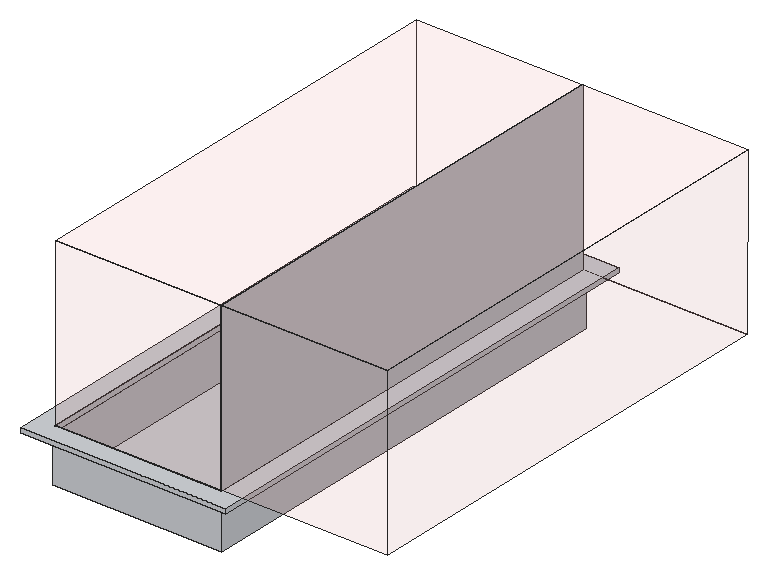
Revit family "Hager-VOLTA-Hollow_wall-IP30-With_Cover-With_DIN-Hosted-PL-pl", category Electrical Equipment, host Face, Revit 2023
Family settings
  Host = Face
  Panel Configuration = Two Columns, Circuits Across
  Round Connector Dimension = Use Diameter
  Part Type = Panelboard
  Cut with Voids When Loaded = No
  Maintain Annotation Orientation = Yes
  Shared = No
  Room Calculation Point = No
Parameters (values of type "VOLTA-Hollow_wall_W348_H880_D98_0_Modular_Spacing-VH60NWP")
  Width Control [instance] = if([HG000006-Flush mounted-pl], if([EF000846 - Szerokość wbudowania] > min_whd, [EF000846 - Szerokość wbudowania], min_whd), if([EF000008 - Szerokość] > min_whd, ([EF000008 - Szerokość]), min_whd))  # 314.5 mm
  Void Depth [instance] = if([HG000006-Flush mounted-pl], Depth Control, 1 mm)  # 89 mm
  Uniformat code = "D501001"
  Uniformat = "Low Tension Service & Dist."
  HGEF0002950-Szerokość wyrażona liczbą modułów = 0
  HGEF000266-Liczba rzędów = 0
  HG000131 - Functional label [instance] = ""
  HG000130 - Functional name [instance] = ""
  Type Comments = ""
  System Height [instance] = Height Control - 2 * [HG000005-Thickness-pl]  # 841 mm
  Reference description = ""
  Reference = "VOLTA-Hollow_wall_W348_H880_D98_0_Modular_Spacing-VH60NWP"
  Object type = ""
  Name hager = "ADD_Enclosures_EC000214"
  Name BIM&CO = "Electricity"
  Name = "VOLTA-Hollow_wall-IP30-With_Cover-With_DIN-PL"
  Model = ""
  HG000099-Onfly Template ID-pl-PL = "507532"
  HG000060-RAL-number = "9010"
  HG000059-Operating voltage-pl-PL [instance] = 230 V
  HG000017-Distance between poles-pl = 18 mm
  HG000016-Door 3D visibility-pl = yes
  HG000015-Clearance visibility-pl = yes
  HG000014-Door on the right-pl = yes
  HG000013-Door on the left-pl = no
  HG000012-Door swing angle-pl = 90.00°
  HG000011-Empty rows from bottom-pl = no
  HG000010-Asymmetric doors-pl = no
  HG000009-Double swing door-pl = no
  HG000008-Number of empty rows-pl = 0
  HG000007-Number of empty columns-pl = 0
  HG000006-Flush mounted-pl = yes
  HG000005-Thickness-pl = 2 mm
  HG000004-Manufacturer reference-pl = "VH60NWP"
  HG000003-Range-pl = "VOLTA"
  HG000002-with door or cover-pl = yes
  HG000001-Number of columns-pl = 0
  GTIN (Global Trade Item Number) = ""
  ETIM class name = "Small distribution board"
  ETIM class code = "EC000214"
  EF015941 - Drzwi przepuszczające sygnał = no
  EF015777 - Listwa zaciskowa przewodu neutralnego = no
  EF015776 - Listwa zaciskowa uziemienia = no
  EF009212 - Wykonanie/rodzaj pokrywy = ""
  EF006306 - Z zamkiem = no
  EF006244 - Transparentna pokrywa/drzwi = no
  EF005474 - Stopień ochrony (IP) = "IP30"
  EF004464 - Rodzaj drzwi = ""
  EF004462 - Rodzaj zamknięcia = ""
  EF002950 - Szerokość wyrażona liczbą modułów = 0
  EF001596 - Materiał obudowy = ""
  EF001134 - Szyna DIN = yes
  EF001131 - Głębokość wewnętrzna = 0 mm
  EF001088 - Możliwość rozbudowy = no
  EF001062 - Wykonanie zgodne z Dyrektywą Kompatybilności Elektromagnetycznej EMC = no
  EF000846 - Szerokość wbudowania = 314.5 mm
  EF000339 - Rodzaj pokrywy = ""
  EF000332 - Wysokość wbudowania = 845 mm
  EF000266 - Liczba rzędów = 0
  EF000218 - Głębokość wbudowania = 89 mm
  EF000118 - Z płytą montażową = no
  EF000116 - Numer RAL = 9010
  EF000049 - Głębokość = 98 mm
  EF000040 - Wysokość = 880 mm
  EF000024 - Odporność na promieniowanie UV = no
  EF000008 - Szerokość = 348 mm
  EF000007 - Kolor = ""
  EF000003 - Sposób montażu = "Do ścian pustych"
  Creation Date = "12/15/2025 21:47:12"
  Code hager = "ADD-EC000214_EU"
  BIM&CO code = ""
  BC_VARIANT_ID = "1174424"
  BC_OBJECT_VERSION = "#5"  # constant formula
  BC_OBJECT_ID = "513499"  # constant formula
  BC_MODEL_ID = "1547223"  # constant formula
  Arrow Offset [instance] = Depth Control / 8  # 11.125 mm
  Arrow Height [instance] = Depth Control - Arrow Offset  # 77.875 mm
  Host Offset [instance] = if([HG000006-Flush mounted-pl], 0 mm, [EF000049 - Głębokość])  # 0 mm
  min_whd [instance] = (2 * [HG000005-Thickness-pl]) + 1 mm  # 5 mm
  Manufacturer = "Hager"  # constant formula
  Height Control [instance] = if([HG000006-Flush mounted-pl], if([EF000332 - Wysokość wbudowania] > min_whd, [EF000332 - Wysokość wbudowania], min_whd), if([EF000040 - Wysokość] > min_whd, ([EF000040 - Wysokość]), min_whd))  # 845 mm
  Flush Mounted - Door Frame Width [instance] = if(([EF000040 - Wysokość] - [EF000332 - Wysokość wbudowania]) > 0 mm, if([HG000006-Flush mounted-pl], [EF000040 - Wysokość] - [EF000332 - Wysokość wbudowania], 0 mm), 0 mm)  # 35 mm
  Depth Control [instance] = if([HG000006-Flush mounted-pl], if([EF000218 - Głębokość wbudowania] > 0 mm, [EF000218 - Głębokość wbudowania], 1 mm), if([EF000049 - Głębokość] > 0 mm, ([EF000049 - Głębokość]), 1 mm))  # 89 mm
  Default Elevation = 0 mm
Types (14, lengths in mm): name | Width Control | Void Depth | HGEF0002950-Szerokość wyrażona liczbą modułów | HGEF000266-Liczba rzędów | System Height | Reference | HG000004-Manufacturer reference-pl | HG000001-Number of columns-pl | EF015777 - Listwa zaciskowa przewodu neutralnego | EF015776 - Listwa zaciskowa uziemienia | EF009212 - Wykonanie/rodzaj pokrywy | EF004462 - Rodzaj zamknięcia | EF002950 - Szerokość wyrażona liczbą modułów | EF001088 - Możliwość rozbudowy | EF000846 - Szerokość wbudowania | EF000332 - Wysokość wbudowania | EF000266 - Liczba rzędów | EF000218 - Głębokość wbudowania | EF000118 - Z płytą montażową | EF000049 - Głębokość | EF000040 - Wysokość | EF000007 - Kolor | BC_VARIANT_ID | Arrow Offset | Arrow Height | Height Control | Flush Mounted - Door Frame Width | Depth Control
  VOLTA-Hollow_wall_W348_H356_D98_12_Modular_Spacing-VH12AT | 314.5 | 89 | 12 | 1 | 317 | "VOLTA-Hollow_wall_W348_H356_D98_12_Modular_Spacing-VH12AT" | "VH12AT" | 1 | yes | yes | "Z otworem" | "Inne" | 12 | yes | 314.5 | 321 | 1 | 89 | no | 98 | 356 | "Biały" | "1174410" | 11.125 | 77.875 | 321 | 35 | 89
  VOLTA-Hollow_wall_W348_H356_D98_12_Modular_Spacing-VH12NE | 314.5 | 89 | 12 | 1 | 317 | "VOLTA-Hollow_wall_W348_H356_D98_12_Modular_Spacing-VH12NE" | "VH12NE" | 1 | no | yes | "Z otworem" | "Inne" | 12 | yes | 314.5 | 321 | 1 | 89 | no | 98 | 356 | "Biały" | "1174412" | 11.125 | 77.875 | 321 | 35 | 89
  VOLTA-Hollow_wall_W348_H505_D98_12_Modular_Spacing-VH24AT | 314.5 | 89 | 12 | 2 | 466 | "VOLTA-Hollow_wall_W348_H505_D98_12_Modular_Spacing-VH24AT" | "VH24AT" | 1 | yes | yes | "Z otworem" | "Inne" | 12 | yes | 314.5 | 470 | 2 | 89 | no | 98 | 505 | "Biały" | "1174413" | 11.125 | 77.875 | 470 | 35 | 89
  VOLTA-Hollow_wall_W348_H505_D98_12_Modular_Spacing-VH24NE | 314.5 | 89 | 12 | 2 | 466 | "VOLTA-Hollow_wall_W348_H505_D98_12_Modular_Spacing-VH24NE" | "VH24NE" | 1 | no | yes | "Z otworem" | "Inne" | 12 | yes | 314.5 | 470 | 2 | 89 | no | 98 | 505 | "Biały" | "1174414" | 11.125 | 77.875 | 470 | 35 | 89
  VOLTA-Hollow_wall_W348_H505_D98_12_Modular_Spacing-VH24NWB | 314.5 | 89 | 12 | 0 | 466 | "VOLTA-Hollow_wall_W348_H505_D98_12_Modular_Spacing-VH24NWB" | "VH24NWB" | 0 | no | no | "Z otworem" | "Inne" | 12 | yes | 314.5 | 470 | 0 | 89 | yes | 98 | 505 | "Biały" | "1174415" | 11.125 | 77.875 | 470 | 35 | 89
  VOLTA-Hollow_wall_W348_H630_D98_12_Modular_Spacing-VH36AT | 314.5 | 89 | 12 | 3 | 591 | "VOLTA-Hollow_wall_W348_H630_D98_12_Modular_Spacing-VH36AT" | "VH36AT" | 1 | yes | yes | "Z otworem" | "Inne" | 12 | yes | 314.5 | 595 | 3 | 89 | no | 98 | 630 | "Biały" | "1174416" | 11.125 | 77.875 | 595 | 35 | 89
  VOLTA-Hollow_wall_W348_H630_D98_12_Modular_Spacing-VH36NE | 314.5 | 89 | 12 | 3 | 591 | "VOLTA-Hollow_wall_W348_H630_D98_12_Modular_Spacing-VH36NE" | "VH36NE" | 1 | no | yes | "Z otworem" | "Inne" | 12 | yes | 314.5 | 595 | 3 | 89 | no | 98 | 630 | "Biały" | "1174417" | 11.125 | 77.875 | 595 | 35 | 89
  VOLTA-Hollow_wall_W348_H630_D98_12_Modular_Spacing-VH36NWB | 314.5 | 89 | 12 | 0 | 591 | "VOLTA-Hollow_wall_W348_H630_D98_12_Modular_Spacing-VH36NWB" | "VH36NWB" | 0 | no | no | "Z otworem" | "Inne" | 12 | yes | 314.5 | 595 | 0 | 89 | yes | 98 | 630 | "Biały" | "1174418" | 11.125 | 77.875 | 595 | 35 | 89
  VOLTA-Hollow_wall_W348_H755_D98_12_Modular_Spacing-VH48AT | 314.5 | 89 | 12 | 4 | 716 | "VOLTA-Hollow_wall_W348_H755_D98_12_Modular_Spacing-VH48AT" | "VH48AT" | 1 | yes | yes | "Z otworem" | "Inne" | 12 | yes | 314.5 | 720 | 4 | 89 | no | 98 | 755 | "Biały" | "1174419" | 11.125 | 77.875 | 720 | 35 | 89
  VOLTA-Hollow_wall_W348_H755_D98_12_Modular_Spacing-VH48NE | 314.5 | 89 | 12 | 4 | 716 | "VOLTA-Hollow_wall_W348_H755_D98_12_Modular_Spacing-VH48NE" | "VH48NE" | 1 | no | yes | "Z otworem" | "Inne" | 12 | yes | 314.5 | 720 | 4 | 89 | no | 98 | 755 | "Biały" | "1174420" | 11.125 | 77.875 | 720 | 35 | 89
  VOLTA-Hollow_wall_W348_H755_D98_12_Modular_Spacing-VH48NWB | 314.5 | 89 | 12 | 0 | 716 | "VOLTA-Hollow_wall_W348_H755_D98_12_Modular_Spacing-VH48NWB" | "VH48NWB" | 0 | no | no | "Z otworem" | "Inne" | 12 | yes | 314.5 | 720 | 0 | 89 | yes | 98 | 755 | "Biały" | "1174421" | 11.125 | 77.875 | 720 | 35 | 89
  VOLTA-Hollow_wall_W348_H880_D98_12_Modular_Spacing-VH60NC | 314.5 | 89 | 12 | 5 | 842 | "VOLTA-Hollow_wall_W348_H880_D98_12_Modular_Spacing-VH60NC" | "VH60NC" | 1 | no | no | "" | "" | 12 | no | 314.5 | 846 | 5 | 89 | no | 98 | 880 | "" | "1174422" | 11.125 | 77.875 | 846 | 34 | 89
  VOLTA-Hollow_wall_W348_H880_D94_12_Modular_Spacing-VH60NE | 314 | 90 | 12 | 5 | 842 | "VOLTA-Hollow_wall_W348_H880_D94_12_Modular_Spacing-VH60NE" | "VH60NE" | 1 | no | yes | "Z otworem" | "Inne" | 12 | yes | 314 | 846 | 5 | 90 | no | 94 | 880 | "Biały" | "1174423" | 11.25 | 78.75 | 846 | 34 | 90
  VOLTA-Hollow_wall_W348_H880_D98_0_Modular_Spacing-VH60NWP | 314.5 | 89 | 0 | 0 | 841 | "VOLTA-Hollow_wall_W348_H880_D98_0_Modular_Spacing-VH60NWP" | "VH60NWP" | 0 | no | no | "" | "" | 0 | no | 314.5 | 845 | 0 | 89 | no | 98 | 880 | "" | "1174424" | 11.125 | 77.875 | 845 | 35 | 89
Reference planes
  plane 1 "Center (Front/Back)": y = 0
  plane 2: z = 0
  plane 3 "Center (Left/Right)": x = 0
  plane 4: z = 0
  plane 5: y = 37
  plane 6: z = -5
  plane 7: y = 457.5
  plane 8: y = 35
  plane 9: y = 880
  plane 10: z = -89
  plane 11: x = -157.25
  plane 12: x = 157.25
  plane 13: x = 155.25
  plane 14: x = -155.25
  plane 15: y = 878
  plane 16: z = -87
  plane 17: z = -2
  plane 18: z = -89
  plane 19: z = -2
  plane 20 "Annotation H": y = -100
  plane 21 "Annotation V": x = 457.25
Forms (mm)
  Extrusion 1, solid
    sketch origin (-583.045, 35, 1219.2) x (-1, 0, 0) y (0, 0, 1)
      loop
        line (-425.795, -1219.2) -> (-740.295, -1219.2) -> (-740.295, -1308.2) -> (-425.795, -1308.2) -> (-425.795, -1219.2)
    from 0 to 845 <- "Height Control"
  Extrusion 2, void
    sketch origin (-381.607, -4572, 0) x (0, -1, 0) y (-1, 0, 0)
      loop
        line (-5450, -226.357) -> (-5450, -536.857) -> (-4609, -536.857) -> (-4609, -226.357) -> (-5450, -226.357)
    from 0 to 87
  Extrusion 3, void
    sketch origin (0, 0, 0) x (1, 0, 0) y (0, 1, 0)
      loop
        line (-157.25, 35) -> (157.25, 35) -> (157.25, 880) -> (-157.25, 880) -> (-157.25, 35)
    from -89 to 1
  Extrusion 4, solid, detail levels coarse+medium
    sketch origin (-381.607, -4572, 0) x (-1, 0, 0) y (0, -1, 0)
      loop
        line (-226.357, -5450) -> (-226.357, -4609) -> (-536.857, -4609) -> (-536.857, -5450) -> (-226.357, -5450)
    from 0 to -2
Cuts and joins
  Extrusion 2 cuts Extrusion 1
Dimensions and locks
  plane 4 to plane 6 = 5 mm
  "Host Offset": plane 4 to host face
  "Flush Mounted - Door Frame Width": plane 1 "Center (Front/Back)" to plane 8
  "HG000005-Thickness-pl": plane 5 to plane 8
  locked: connector elem to plane 3 "Center (Left/Right)"
  "Height Control": plane 9 to plane 8
  equal spacing: plane 9, plane 7, plane 8
  locked: connector elem to plane 7
  "Depth Control": plane 4 to plane 10
  "HG000005-Thickness-pl": plane 11 to plane 14
  "HG000005-Thickness-pl": plane 12 to plane 13
  equal spacing: plane 11, plane 3 "Center (Left/Right)", plane 12
  "Width Control": plane 11 to plane 12
  "Arrow Offset": nested 4 to plane 10
  "HG000005-Thickness-pl": plane 9 to plane 15
  "HG000005-Thickness-pl": plane 16 to plane 10
  "HG000005-Thickness-pl": plane 4 to plane 17
  "Void Depth": plane 2 to plane 18
  "HG000005-Thickness-pl": plane 4 to plane 19
  locked: plane 20 "Annotation H" to plane 1 "Center (Front/Back)" at 100
  locked: plane 12 to plane 21 "Annotation V" at 300
  aligned and locked: plane 2 to host face
  aligned and locked: level to host face
  aligned and locked: plane 3 "Center (Left/Right)" to nested 2
  aligned and locked: plane 4 to nested 2
  aligned and locked: nested 2 to plane 8
  aligned and locked: nested 1 to plane 6
  aligned and locked: plane 5 to nested 1
  aligned and locked: nested 4 to plane 11
  aligned and locked: nested 3 to plane 4
  aligned and locked: Extrusion 1 sketch curve to plane 12
  aligned and locked: Extrusion 1 sketch curve to plane 11
  aligned and locked: nested 3 to plane 10
  aligned and locked: plane 10 to Extrusion 1 sketch curve
  aligned and locked: plane 5 to Extrusion 2 sketch curve
  aligned and locked: Extrusion 2 sketch curve to plane 15
  aligned and locked: Extrusion 2 sketch curve to plane 14
  aligned and locked: Extrusion 2 sketch curve to plane 13
  aligned and locked: plane 11 to Extrusion 3 sketch curve
  aligned and locked: plane 9 to Extrusion 3 sketch curve
  aligned and locked: Extrusion 3 sketch curve to plane 8
  aligned and locked: plane 12 to Extrusion 3 sketch curve
  aligned and locked: nested 3 to plane 12
  aligned and locked: Extrusion 3 to plane 18
  aligned and locked: Extrusion 2 to plane 16
  aligned and locked: Extrusion 1 sketch curve to plane 4
  aligned and locked: Extrusion 4 to plane 17
  aligned and locked: Extrusion 4 sketch curve to plane 15
  aligned and locked: Extrusion 4 sketch curve to plane 13
  aligned and locked: Extrusion 4 sketch curve to plane 14
  aligned and locked: plane 5 to Extrusion 4 sketch curve
  aligned and locked: nested 5 to plane 21 "Annotation V"
  aligned and locked: plane 20 "Annotation H" to nested 5
Automatic sketch dimensions
  host sketch curve to host sketch curve = 1469.727 mm
  host sketch curve to host sketch curve = 1434.803 mm
Nested families
  nested 1: "Hager_Enclosure_System" at (0, 37, -5) x (1, 0, 0) z (0, 1, 0), Height <- "System Height", Width_Control <- "Width Control", Built-in_Width <- "EF000846 - Szerokość wbudowania", Width <- "EF000008 - Szerokość", Depth <- "HG000005-Thickness-pl", Border <- "HG000005-Thickness-pl", Distance_Between_Poles <- "HG000017-Distance between poles-pl", Flush_Mounted <- "HG000006-Flush mounted-pl", Empty_Columns <- "HG000007-Number of empty columns-pl", Total_No_Empty_Rows <- "HG000008-Number of empty rows-pl", Empty_Rows_From_Bottom <- "HG000011-Empty rows from bottom-pl", Columns_Count <- "HG000001-Number of columns-pl", Rows_Count <- "HGEF000266-Liczba rzędów", Row_Module_Multiplicator <- "HGEF0002950-Szerokość wyrażona liczbą modułów", type "Hager_Enclosure_System", detail levels fine
    with Width_Control 314.5 mm, Width 348 mm, Total_No_Rows 0, Total_No_Empty_Rows 0, Total_No_Columns 1, System_Width 310.5 mm, Rows_Count 0, Rows_Column 0, Row_Module_Multiplicator 0, Panel_4 no, Panel_3 no, Panel_2 no, Panel_1 no, No_Panels_Ctrl 1, Hide_Columns yes, Height 841 mm, Flush_Mounted yes, Empty_Rows_From_Bottom no, Empty_Rows_Column 0, Empty_Columns 0, Empty column 4 0, Empty column 3 0, Empty column 2 0, Empty column 1 0, Distance_Between_Poles 18 mm, Depth 2 mm, Columns_Count 0, Column_Width 310.5 mm, Built-in_Width 314.5 mm, Border 2 mm
  nested 2: "Hager_Enclosure_Door" at (0, 35, 0) x (1, 0, 0) z (0, 1, 0), Height_Ctrl <- "Height Control", Width_Ctrl <- "Width Control", BuiltIn_Depth <- "EF000218 - Głębokość wbudowania", Depth <- "EF000049 - Głębokość", BuiltIn_Width <- "EF000846 - Szerokość wbudowania", Height <- "EF000040 - Wysokość", BuiltIn_Height <- "EF000332 - Wysokość wbudowania", Width <- "EF000008 - Szerokość", Transparent <- "EF006244 - Transparentna pokrywa/drzwi", Border <- "HG000005-Thickness-pl", Door <- "HG000002-with door or cover-pl", Flush_Mounted <- "HG000006-Flush mounted-pl", Double <- "HG000009-Double swing door-pl", Assymetrical <- "HG000010-Asymmetric doors-pl", Angle <- "HG000012-Door swing angle-pl", Door_Left <- "HG000013-Door on the left-pl", Door_Right <- "HG000014-Door on the right-pl", Clearance <- "HG000015-Clearance visibility-pl", 3d_Door <- "HG000016-Door 3D visibility-pl", type "Hager_Enclosure_Door", detail levels medium+fine
    with min_wh 5 mm, Width_Ctrl 314.5 mm, Width 348 mm, Transparent_Door_No_Bottom_Border no, Transparent no, Leaf_Width 307.5 mm, Leaf_Tolerance 1.5 mm, Leaf_Height 838 mm, Leaf_2_Width 307.5 mm, Leaf_2_Offset 153.75 mm, Leaf_1_Width 307.5 mm, Leaf_1_Offset 153.75 mm, Height_Ctrl 845 mm, Height 880 mm, Frame_Width_Ctrl 33.5 mm, Frame_Width 33.5 mm, Frame_Internal_Offset 2 mm, Frame_Height_Ctrl 35 mm, Frame_Height 35 mm, Frame_Depth_Ctrl 9 mm, Frame_Depth 9 mm, Flush_Mounted yes, Double_Clearance_Ctrl no, Double no, Door_Right_Ctrl yes, Door_Right yes, Door_Left_Ctrl no, Door_Left no, Door yes, Depth 98 mm, Clearance_Depth 307.5 mm, Clearance_Ctrl yes, Clearance yes, BuiltIn_Width 314.5 mm, BuiltIn_Height 845 mm, BuiltIn_Depth 89 mm, Border 2 mm, Assymetrical no, Angle 90.00°, 3d_Door yes
  nested 3: "Hager_Enclosure_Symbol_Triangle" at (-157.25, 0, -89) x (1, 0, 0) z (0, -1, 0), Depth <- "Depth Control", Width <- "Width Control", type "Hager_Enclosure_Symbol_Triangle"
    with Width_Ctrl 314.5 mm, Width 314.5 mm, Depth_Ctrl 89 mm, Depth 89 mm
  nested 4: "Hager_Enclosure_Symbol_Arrow" at (-157.25, 0, -77.875) x (1, 0, 0) z (0, -1, 0), Height <- "Arrow Height", type "Hager_Enclosure_Symbol_Arrow"
    with Width_Inside 5.841 mm, Width 70.087 mm, Height_Ctrl 77.875 mm, Height 77.875 mm
  nested 5: "Hager_Annotation-HG000130" at (457.25, -100, 0) x (-1, 0, 0) z (0, 0, 1), HG000130 - Functional name <- "HG000130 - Functional name", type "Hager_Annotation-HG000130"
    with HG000130 - Functional name ""
Connectors
  electrical at (0, 457.5, -89)
    settings: on plane 10, index 1, voltage 0 V, apparent load 0 VA, apparent load phase1 0 VA, apparent load phase2 0 VA, apparent load phase3 0 VA, power factor 1, load classification "Other", number of poles 1, system type 30, power factor state 1, is connector primary yes, connector utility no, sub classification motor no, connector description ""
Definition of nested family "Hager_Enclosure_Door"
  Parameters (values of type "Hager_Enclosure_Door")
    min_wh [instance] = (2 * Border) + 1 mm  # 11 mm
    Width_Ctrl [instance] = 400 mm
    Width [instance] = 500 mm
    Transparent_Door_No_Bottom_Border [instance] = no
    Transparent [instance] = yes
    Leaf_Width [instance] = if((Width_Ctrl - 2 * Border - 2 * Leaf_Tolerance) > 0 mm, (Width_Ctrl - 2 * Border - 2 * Leaf_Tolerance), min_wh)  # 387 mm
    Leaf_Tolerance [instance] = 1.5 mm  # constant formula
    Leaf_Height [instance] = if((Height_Ctrl - 2 * Border - 2 * Leaf_Tolerance) > 0 mm, (Height_Ctrl - 2 * Border - 2 * Leaf_Tolerance), min_wh)  # 387 mm
    Leaf_2_Width [instance] = if(and(and(Double, Assymetrical), Door_Left), (Leaf_Width / 3) - (Leaf_Tolerance / 2), if(and(and(Double, Assymetrical), Door_Right), (Leaf_Width / 3) * 2 - (Leaf_Tolerance / 2), if(and(Double, not(Assymetrical)), (Leaf_Width / 2) - Leaf_Tolerance, Leaf_Width)))  # 387 mm
    Leaf_2_Offset [instance] = if(and(Double, Assymetrical), Leaf_2_Width / 2, if(and(Double, not(Assymetrical)), Leaf_Width / 4, Leaf_Width / 2))  # 193.5 mm
    Leaf_1_Width [instance] = if(and(and(Double, Assymetrical), Door_Right), (Leaf_Width / 3) - (Leaf_Tolerance / 2), if(and(and(Double, Assymetrical), Door_Left), (Width / 3) * 2 - (Leaf_Tolerance / 2), if(and(Double, not(Assymetrical)), (Leaf_Width / 2) - Leaf_Tolerance, Leaf_Width)))  # 387 mm
    Leaf_1_Offset [instance] = if(and(Double, Assymetrical), Leaf_1_Width / 2, if(and(Double, not(Assymetrical)), Leaf_Width / 4, Leaf_Width / 2))  # 193.5 mm
    Height_Ctrl [instance] = 400 mm
    Height [instance] = 500 mm
    Frame_Width_Ctrl [instance] = if(Frame_Width > 0 mm, Frame_Width, 1 mm)  # 1 mm
    Frame_Width [instance] = Width - BuiltIn_Width  # 0 mm
    Frame_Internal_Offset [instance] = if(Flush_Mounted, Border, 0 mm)  # 5 mm
    Frame_Height_Ctrl [instance] = if(Frame_Height > 0 mm, Frame_Height, 1 mm)  # 1 mm
    Frame_Height [instance] = Height - BuiltIn_Height  # 0 mm
    Frame_Depth_Ctrl [instance] = if(Frame_Depth > 0 mm, Frame_Depth, 1 mm)  # 1 mm
    Frame_Depth [instance] = if(Depth - BuiltIn_Depth > 0 mm, if(Flush_Mounted, Depth - BuiltIn_Depth, 0 mm), 0 mm)  # 0 mm
    Flush_Mounted [instance] = yes
    Double_Clearance_Ctrl [instance] = and(Double, Clearance)  # no
    Double [instance] = no
    Door_Right_Ctrl [instance] = and(or(Door_Right, Double), Door)  # yes
    Door_Right [instance] = yes
    Door_Left_Ctrl [instance] = and(or(Door_Left, Double), Door)  # no
    Door_Left [instance] = no
    Door [instance] = yes
    Depth [instance] = 500 mm
    Default Elevation = 1219.2 mm
    Clearance_Material = none
    Clearance_Depth [instance] = if(Leaf_1_Width > Leaf_2_Width, Leaf_1_Width, Leaf_2_Width)  # 387 mm
    Clearance_Ctrl [instance] = and(not(Double), Clearance)  # yes
    Clearance [instance] = yes
    BuiltIn_Width [instance] = 500 mm
    BuiltIn_Height [instance] = 500 mm
    BuiltIn_Depth [instance] = 500 mm
    Border [instance] = 5 mm
    Assymetrical [instance] = yes
    Angle [instance] = 30.00°
    3d_Door [instance] = yes
  Reference planes
    plane 1 "Center (Front/Back)": y = 0
    plane 2 "Bottom": z = 0
    plane 3 "Center (Left/Right)": x = 0
    plane 4: z = 400
    plane 5: x = -200
    plane 6: x = 200
    plane 7: z = 395
    plane 8: x = -195
    plane 9: z = 5
    plane 10: x = 195
    plane 11: y = 0
    plane 12: z = 6.5
    plane 13: x = -582
    plane 14: y = -387
    plane 15: x = 582
    plane 16: x = 0
    plane 17: x = 0
    plane 18: x = -193.5
    plane 19: x = 193.5
    plane 20: z = 393.5
  Forms (mm)
    Extrusion 1, solid, visible <- "Flush_Mounted"
      sketch origin (0, 0, 0) x (1, 0, 0) y (0, 0, 1)
        loop
          line (195, 5) -> (195, 395) -> (-195, 395) -> (-195, 5) -> (195, 5)
        loop
          line (-201, 401) -> (-201, -1) -> (201, -1) -> (201, 401) -> (-201, 401)
      from 0 to 1 <- "Frame_Depth_Ctrl"
    Extrusion 2, solid, material <- "Clearance_Material", visible <- "Double_Clearance_Ctrl"
      sketch origin (1200, 0, 0) x (1, 0, 0) y (0, 0, -1)
        loop
          line (-1782, -393.5) -> (-618, -393.5) -> (-618, 0) -> (-1782, 0) -> (-1782, -393.5)
      from 0 to -387
  Dimensions and locks
    equal spacing: plane 5, plane 3 "Center (Left/Right)", plane 6
    "Width_Ctrl": plane 5 to plane 6
    "Border": plane 5 to plane 8
    "Border": plane 6 to plane 10
    "Border": plane 9 to level
    "Border": plane 4 to plane 7
    "Height_Ctrl": plane 4 to level
    "Leaf_Tolerance": plane 12 to plane 9
    "Frame_Depth": plane 11 to plane 1 "Center (Front/Back)"
    "Frame_Width_Ctrl": plane 5 to Extrusion 1 sketch curve
    "Frame_Width_Ctrl": plane 6 to Extrusion 1 sketch curve
    "Frame_Width_Ctrl": Extrusion 1 sketch curve to plane 4
    "Frame_Width_Ctrl": plane 2 "Bottom" to Extrusion 1 sketch curve
    "Leaf_1_Offset": plane 18 to plane 16
    "Leaf_2_Offset": plane 17 to plane 19
    "Leaf_1_Width": plane 13 to plane 8
    "Leaf_2_Width": plane 10 to plane 15
    "Clearance_Depth": plane 14 to plane 1 "Center (Front/Back)"
    "Leaf_Tolerance": plane 8 to plane 18
    "Leaf_Tolerance": plane 19 to plane 10
    "Leaf_Tolerance": plane 7 to plane 20
    "Frame_Internal_Offset": plane 5 to Extrusion 1 sketch curve
    "Frame_Internal_Offset": Extrusion 1 sketch curve to plane 2 "Bottom"
    "Frame_Internal_Offset": plane 6 to Extrusion 1 sketch curve
    "Frame_Internal_Offset": plane 4 to Extrusion 1 sketch curve
    aligned and locked: level to plane 2 "Bottom"
    aligned and locked: nested 1 to plane 16
    aligned and locked: nested 2 to plane 17
    aligned and locked: Extrusion 2 to plane 13
    aligned and locked: plane 15 to Extrusion 2
    aligned and locked: Extrusion 2 to plane 14
    aligned and locked: plane 12 to nested 1
    aligned and locked: nested 2 to plane 12
    aligned and locked: Extrusion 2 to plane 11
    aligned and locked: plane 20 to Extrusion 2
    aligned and locked: nested 2 to plane 11
    aligned and locked: nested 1 to plane 11
  Automatic sketch dimensions
    Extrusion 2 sketch curve to level = 0 mm
    plane 5 to Extrusion 2 sketch curve = 382 mm
    plane 6 to Extrusion 2 sketch curve = 382 mm
    Extrusion 2 sketch curve to plane 4 = 6.5 mm
  Nested families
    nested 1: "Hager_Enclosure_Door_Leaf" at (0, 0, 6.5), Width <- "Leaf_1_Width", visible <- "Door_Left_Ctrl", Leaf_Height <- "Leaf_Height", Angle <- "Angle", Depth <- "Border", 3d_Door <- "3d_Door", Transparent <- "Transparent", Clearance Material <- "Clearance_Material", Clearance <- "Clearance_Ctrl", Transparent_Door_No_Bottom_Border <- "Transparent_Door_No_Bottom_Border", type "Hager_Enclosure_Door_Leaf"
      with Width 387 mm, Transparent_Door_No_Bottom_Border no, Transparent_Door_Border_Bottom_Top 25 mm, Transparent_Door_Border 25 mm, Transparent_Ctrl yes, Transparent yes, Standard no, Leaf_Height 387 mm, Glass_Offset 1 mm, Depth 5 mm, Clearance Material none, Clearance yes, Angle_Ctrl 30.00°, Angle 30.00°, 3d_Door yes
    nested 2: "Hager_Enclosure_Door_Leaf" at (0, 0, 6.5) x (-1, 0, 0) z (0, 0, 1), Width <- "Leaf_2_Width", visible <- "Door_Right_Ctrl", Leaf_Height <- "Leaf_Height", Angle <- "Angle", Depth <- "Border", 3d_Door <- "3d_Door", Transparent <- "Transparent", Clearance Material <- "Clearance_Material", Clearance <- "Clearance_Ctrl", Transparent_Door_No_Bottom_Border <- "Transparent_Door_No_Bottom_Border", type "Hager_Enclosure_Door_Leaf"
      with Width 387 mm, Transparent_Door_No_Bottom_Border no, Transparent_Door_Border_Bottom_Top 25 mm, Transparent_Door_Border 25 mm, Transparent_Ctrl yes, Transparent yes, Standard no, Leaf_Height 387 mm, Glass_Offset 1 mm, Depth 5 mm, Clearance Material none, Clearance yes, Angle_Ctrl 30.00°, Angle 30.00°, 3d_Door yes
  Definition of nested family "Hager_Enclosure_Door_Leaf"
    Parameters (values of type "Hager_Enclosure_Door_Leaf")
      Width [instance] = 2000 mm
      Transparent_Door_No_Bottom_Border [instance] = yes
      Transparent_Door_Border_Bottom_Top [instance] = if(Transparent_Door_No_Bottom_Border, 0.1 mm, Transparent_Door_Border)  # 0.1 mm
      Transparent_Door_Border [instance] = if(Transparent_Door_No_Bottom_Border, (Width * 0.12), 25 mm)  # 240 mm
      Transparent_Ctrl [instance] = and(Transparent, [3d_Door])  # yes
      Transparent [instance] = yes
      Standard [instance] = and(not(Transparent), [3d_Door])  # no
      Leaf_Height [instance] = 2720.336 mm
      Glass_Offset [instance] = if((Depth - 10 mm) / 2 > 0 mm, (Depth - 10 mm) / 2, 1 mm)  # 15 mm
      Glass_Material = none
      Depth [instance] = 40 mm
      Default Elevation = 0 mm
      Clearance Material [instance] = none
      Clearance [instance] = yes
      Angle_Ctrl [instance] = if(Angle > 170.00°, 170.00°, Angle)  # 45.00°
      Angle [instance] = 45.00°
      3d_Door [instance] = yes
    Reference planes
      plane 1 "Center (Front/Back)": y = 0
      plane 2: z = 0
      plane 3 "Center (Left/Right)": x = 0
      plane 4: y = 2000
      plane 5: x = -1000
      plane 6: x = 1000
      plane 7: x = -3000
      plane 8: z = 2720.336
      plane 9: z = 0.1
      plane 10: z = 2720.236
      plane 11: x = 760
      plane 12: x = -760
    Forms (mm)
      Extrusion 1, solid, material <- "Clearance Material", visible <- "Clearance"
        sketch origin (0, 0, 0) x (1, 0, 0) y (0, 0, 1)
          loop
            line (-3000, 2720.336) -> (-3000, 0) -> (1000, 0) -> (1000, 2720.336) -> (-3000, 2720.336)
        from 0 to -2000
      Extrusion 2, solid, visible <- "Standard", detail levels medium+fine
        sketch origin (-1000, 0, 0) x (0.707107, 0.707107, 0) y (-0.707107, 0.707107, 0)
          loop
            line (0, -40) -> (2000, -40) -> (2000, 0) -> (0, 0) -> (0, -40)
        from 0 to 2720.336 <- "Leaf_Height"
      Extrusion 3, solid, visible <- "Transparent_Ctrl", detail levels medium+fine
        sketch origin (-1000, 0, 0) x (0.707107, 0.707107, 0) y (-0.707107, 0.707107, 0)
          loop
            line (0, -40) -> (2000, -40) -> (2000, 0) -> (0, 0) -> (0, -40)
        from 0 to 2720.336 <- "Leaf_Height"
      Extrusion 4, void, detail levels medium+fine
        sketch origin (-1000, 0, 0) x (-0.707107, 0.707107, 0) y (0.707107, 0.707107, 0)
          loop
            line (0, 240) -> (0, 1760) -> (-40, 1760) -> (-40, 240) -> (0, 240)
        from -2720.236 to -0.1
      Extrusion 5, solid, material <- "Glass_Material", visible <- "Transparent_Ctrl", detail levels medium+fine
        sketch origin (-1000, 0, 0) x (0.707107, 0.707107, 0) y (-0.707107, 0.707107, 0)
          loop
            line (240, -15) -> (240, -25) -> (1760, -25) -> (1760, -15) -> (240, -15)
        from 0.1 to 2720.236
    Cuts and joins
      Extrusion 4 cuts Extrusion 3
    Lines and regions (mm)
      symbolic lines
        curve 1: line (1000, 0, 0) -> (-3000, 0, 0)
        curve 2: arc (1000, 0, 0) -> (-1000, 2000, 0) -> (-3000, 0, 0) r 2000
        curve 4: line (-1000, 0, 0) -> (414.214, 1414.214, 0)
      reference lines
        curve 3: line (-1000, 0, 0) -> (414.214, 1414.214, 0)
      symbolic lines, detail levels medium+fine
        curve 5: line (414.214, 1414.214, 0) -> (442.498, 1385.929, 0)
        curve 6: line (442.498, 1385.929, 0) -> (-971.716, -28.284, 0)
        curve 7: line (-971.716, -28.284, 0) -> (-1000, 0, 0)
        curve 8: line (-1000, 0, 2720.336) -> (1000, 0, 2720.336)
        curve 9: line (-1000, 0, 0) -> (-1000, 0, 2720.336)
        curve 10: line (1000, 0, 0) -> (-1000, 0, 0)
        curve 11: line (1000, 0, 2720.336) -> (1000, 0, 0)
      symbolic lines, visible <- "Transparent_Ctrl", detail levels medium+fine
        curve 12: line (-760, 0, 2720.236) -> (760, 0, 2720.236)
        curve 13: line (-760, 0, 0.1) -> (-760, 0, 2720.236)
        curve 14: line (760, 0, 0.1) -> (-760, 0, 0.1)
        curve 15: line (760, 0, 2720.236) -> (760, 0, 0.1)
    Dimensions and locks
      "Width": plane 1 "Center (Front/Back)" to plane 4
      equal spacing: plane 5, plane 3 "Center (Left/Right)", plane 6
      "Width": plane 5 to plane 6
      "Width": plane 7 to plane 5
      "Leaf_Height": plane 8 to level
      "Depth": curve 6 to curve 3
      "Width": curve 5 to curve 3
      "Width": curve 3 to curve 3
      "Transparent_Door_Border": Extrusion 4 sketch curve to curve 7
      "Transparent_Door_Border": Extrusion 4 sketch curve to curve 5
      "Transparent_Door_Border_Bottom_Top": plane 8 to plane 10
      "Transparent_Door_Border_Bottom_Top": plane 9 to level
      "Glass_Offset": Extrusion 5 sketch curve to curve 4
      "Glass_Offset": Extrusion 5 sketch curve to curve 6
      "Transparent_Door_Border": Extrusion 5 sketch curve to curve 5
      "Transparent_Door_Border": Extrusion 5 sketch curve to curve 7
      "Transparent_Door_Border": plane 12 to plane 5
      "Transparent_Door_Border": plane 6 to plane 11
      "Angle_Ctrl": angle plane 1 "Center (Front/Back)" to curve 3
      aligned and locked: level to plane 2
      aligned and locked: Extrusion 1 to curve 1
      aligned and locked: plane 6 to Extrusion 1
      aligned and locked: Extrusion 1 to plane 1 "Center (Front/Back)"
      aligned and locked: plane 4 to Extrusion 1
      aligned and locked: plane 8 to Extrusion 1
      aligned and locked: curve 4 to curve 3
      aligned and locked: Extrusion 2 sketch curve to curve 7
      aligned and locked: Extrusion 2 sketch curve to curve 6
      aligned and locked: Extrusion 2 sketch curve to curve 5
      aligned and locked: Extrusion 2 sketch curve to curve 3
      aligned and locked: curve 7 to Extrusion 3 sketch curve
      aligned and locked: Extrusion 3 sketch curve to curve 4
      aligned and locked: Extrusion 3 sketch curve to curve 6
      aligned and locked: Extrusion 3 sketch curve to curve 5
      aligned and locked: curve 4 to Extrusion 4 sketch curve
      aligned and locked: curve 6 to Extrusion 4 sketch curve
      aligned and locked: Extrusion 4 to plane 9
      aligned and locked: Extrusion 4 to plane 10
      aligned and locked: Extrusion 5 to plane 9
      aligned and locked: Extrusion 5 to plane 10
      aligned and locked: curve 8 to plane 8
      aligned and locked: plane 5 to curve 9
      aligned and locked: plane 2 to curve 10
      aligned and locked: curve 11 to plane 6
      aligned and locked: plane 10 to curve 12
      aligned and locked: plane 12 to curve 13
      aligned and locked: curve 14 to plane 9
      aligned and locked: plane 11 to curve 15
    Automatic sketch dimensions
      plane 1 "Center (Front/Back)" to curve 2 = 0 mm
      curve 2 to plane 5 = 0 mm
      Extrusion 1 sketch curve to level = 0 mm
      Extrusion 1 sketch curve to plane 7 = 0 mm
      Extrusion 1 sketch curve to plane 6 = 0 mm
      Extrusion 1 sketch curve to plane 8 = 0 mm
      plane 1 "Center (Front/Back)" to curve 3 = 0 mm
      curve 3 to plane 5 = 0 mm
      curve 7 to curve 3 = 0 mm
Definition of nested family "Hager_Enclosure_Symbol_Triangle"
  Parameters (values of type "Hager_Enclosure_Symbol_Triangle")
    Width_Ctrl [instance] = if(Width > 1 mm, Width, 1 mm)  # 498 mm
    Width [instance] = 498 mm
    Depth_Ctrl [instance] = if(Depth > 1 mm, Depth, 1 mm)  # 72 mm
    Depth [instance] = 72 mm
  Reference planes
    plane 1 "Centre (avant/arrière)": y = 0
    plane 2: z = 0
    plane 3 "Centre (gauche/droite)": x = 0
  Lines and regions (mm)
    Filled region 1, type "Solid_Black", in view "Niveau de réf."
      outline origin (0, 0, 0) x (1, 0, 0) y (0, 1, 0)
        loop
          line (0, 0) -> (498, 0) -> (498, 72) -> (0, 0)
    reference lines, in view "Niveau de réf."
      curve 1: line (-206.153, 72, 0) -> (1083.258, 72, 0)
      curve 2: line (498, 405.456, 0) -> (498, -517.619, 0)
  Dimensions and locks
    "Depth_Ctrl": plane 1 "Centre (avant/arrière)" to curve 1
    "Width_Ctrl": plane 3 "Centre (gauche/droite)" to curve 2
    aligned and locked: curve 1 to Filled region 1 sketch curve
    aligned and locked: Filled region 1 sketch curve to plane 1 "Centre (avant/arrière)"
    aligned and locked: curve 2 to Filled region 1 sketch curve
    aligned and locked: plane 3 "Centre (gauche/droite)" to Filled region 1 sketch curve
    aligned and locked: plane 1 "Centre (avant/arrière)" to Filled region 1 sketch curve
  Automatic sketch dimensions
    curve 1 to plane 3 "Centre (gauche/droite)" = 206.153 mm
    curve 2 to curve 1 = 585.258 mm
    plane 1 "Centre (avant/arrière)" to curve 2 = 517.619 mm
    curve 2 to plane 1 "Centre (avant/arrière)" = 405.456 mm
Definition of nested family "Hager_Enclosure_Symbol_Arrow"
  Parameters (values of type "Hager_Enclosure_Symbol_Arrow")
    Width_Inside [instance] = if(Width / 12 > 2 mm, Width / 12, 2 mm)  # 4.987 mm
    Width [instance] = if(Height_Ctrl * 0.9 > 2 mm, Height_Ctrl * 0.9, 2 mm)  # 59.85 mm
    Height_Ctrl [instance] = if(Height > 2 mm, Height, 2 mm)  # 66.5 mm
    Height [instance] = 66.5 mm
  Reference planes
    plane 1 "Centre (avant/arrière)": y = 0
    plane 2: z = 0
    plane 3 "Centre (gauche/droite)": x = 0
    plane 4: x = 59.85
    plane 5: y = 28.263
    plane 6: y = 38.238
    plane 7: y = 66.5
    plane 8: x = 29.925
    plane 9: y = 33.25
  Lines and regions (mm)
    Filled region 1, type "Solid_Black", in view "Niveau de réf."
      outline origin (0, 0, 0) x (1, 0, 0) y (0, 1, 0)
        loop
          line (59.85, 66.5) -> (37.929, 52.827) -> (51.846, 41.935) -> (59.85, 66.5)
    detail lines, in view "Niveau de réf."
      curve 1: line (0, 0, 0) -> (29.925, 38.238, 0)
      curve 2: line (29.925, 38.238, 0) -> (29.925, 28.263, 0)
      curve 3: line (29.925, 28.263, 0) -> (59.85, 66.5, 0)
  Dimensions and locks
    "Width": plane 3 "Centre (gauche/droite)" to plane 4
    "Height_Ctrl": plane 7 to plane 1 "Centre (avant/arrière)"
    equal spacing: plane 3 "Centre (gauche/droite)", plane 8, plane 4
    equal spacing: plane 7, plane 9, plane 1 "Centre (avant/arrière)"
    equal spacing: plane 6, plane 9, plane 5
    "Width_Inside": plane 6 to plane 9
    equal spacing: curve 3, Filled region 1 sketch curve, Filled region 1 sketch curve
    angle Filled region 1 sketch curve to curve 3 = 20.00°
    angle curve 3 to Filled region 1 sketch curve = 20.00°
    locked: curve 3 to Filled region 1 sketch curve (angle 90.00°)
  Automatic sketch dimensions
    plane 1 "Centre (avant/arrière)" to curve 1 = 0 mm
    curve 1 to plane 3 "Centre (gauche/droite)" = 0 mm
    curve 2 to plane 6 = 0 mm
    curve 3 to plane 8 = 0 mm
    curve 3 to plane 4 = 0 mm
    curve 2 to plane 5 = 0 mm
    curve 3 to plane 7 = 0 mm
    Filled region 1 sketch curve to plane 4 = 0 mm
    Filled region 1 sketch curve to plane 7 = 0 mm
Definition of nested family "Hager_Annotation-HG000130"
  Parameters (values of type "Hager_Annotation-HG000130")
    HG000130 - Functional name [instance] = ""
  Reference planes
    plane 1: y = 0
    plane 2: x = 0
  Lines and regions (mm)
    detail lines
      curve 1: line (-27.5, 10, 0) -> (27.5, 10, 0)
      curve 2: line (-27.5, -10, 0) -> (-27.5, 10, 0)
      curve 3: line (27.5, -10, 0) -> (-27.5, -10, 0)
      curve 4: line (27.5, 10, 0) -> (27.5, -10, 0)
  Text (mm)
    label "HG000130 - Functional name" at (0.16, 0.026, 0), shows "HG000130 - Functional name"
